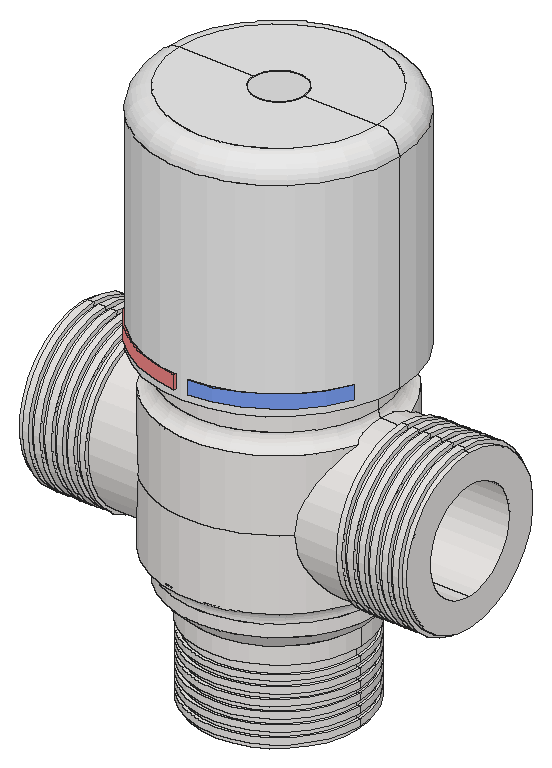
Revit family "1", category Pipe Accessories, Revit 2018
Family settings
  Round Connector Dimension = Use Diameter
  Part Type = Normal
  OmniClass Number = 23.65.00.00
  OmniClass Title = Supply and Distribution of Liquids and Gases
  Work Plane-Based = No
  Always vertical = Yes
  Cut with Voids When Loaded = No
  Shared = No
Parameters (values of type "3/4" - Male thermostatic mixing valve")
  Youtube clip = ""
  Weight Net (Kg) = "0"  # constant formula
  Uniformat II Description = "PLUMBING"  # constant formula
  Uniformat II Code = "D20"  # constant formula
  Uniclass 2015 Name = "Thermostatic mixing valves"  # constant formula
  Uniclass 2015 Code = "Pr_65_54_95_88"  # constant formula
  Uniclass 2.0 Description = "Thermostatic Mixing Valves"  # constant formula
  Uniclass 2.0 Code = "PR-94-94-xx"  # constant formula
  Uniclass 1.4 Description = "Mixing valves"  # constant formula
  Uniclass 1.4 Code = "L71177"  # constant formula
  URL = "www.pintossi.it"
  UNSPSC Code = "401416"  # constant formula
  Technical description = ""
  Region South America = "All"  # constant formula
  Region Oceania = "All"  # constant formula
  Region North America = "All"  # constant formula
  Region Middle East = "All"  # constant formula
  Region Europe = "All"  # constant formula
  Region Asia = "All"  # constant formula
  Region Antarctica = "All"  # constant formula
  Region Africa = "All"  # constant formula
  Radius [instance] = [Main Inlet/Outlet Diameter] / 2  # 9.55 mm
  QR code = ""
  Product url = ""
  Product group = "THERMOSTATIC MIXING VALVES"  # constant formula
  Product family = "COMPONENTS FOR CENTRAL HEATING SYSTEMS"  # constant formula
  Product data url = "https://www.bimobject.com/pintossi/product/1562-thermostatic-mixing-valve"
  Product certification = ""
  Product SKU = "1562-thermostatic-mixing-valve"
  Product Guid = "3446220f-d713-4942-b9a7-f31f9069d292"  # constant formula
  PH: = "Between 7 and 8Between 7 and 8"  # constant formula
  OmniClass Description = "Mixing Valves"  # constant formula
  OmniClass Code = "23-27 31 29"  # constant formula
  NBS Reference Description = "Thermostatic Mixinh Valves"  # constant formula
  NBS Reference Code = "94-94-xx"  # constant formula
  Model = "3/4\" - Male thermostatic mixing valve"
  Mixed water range = "27 °C - 55 °C"  # constant formula
  Min cold inlet water temp = 4 °C  # constant formula
  Maximum working temperature = 90 °C  # constant formula
  Maximum working pressure = 10.0 bar  # constant formula
  Maximum percentage of glycol [%] = 30  # constant formula
  Max hot inlet water temp = 100 °C  # constant formula
  Material secondary = ""
  Material main = "Brass"  # constant formula
  Material Red = Pintossi - Plastic - Red ABS
  Material Cup = Pintossi - Plastic - ABS
  Material Body = Pintossi - Metal - Brass
  Material Blue = Pintossi - Plastic - Blue ABS
  Masterformat 2014 Description = "Mixing Equipment"  # constant formula
  Masterformat 2014 Code = "46 41 00"  # constant formula
  Manufacturer name = "Pintossi+C"  # constant formula
  Manufacturer country = "Italy"  # constant formula
  Manufacturer = "Pintossi+C"  # constant formula
  Main Inlet/Outlet Diameter = 19.1 mm
  Iron (FE): = "< 0,5 mg/kg (< 0,1 mg/kg for steam)"  # constant formula
  Installation instructions = ""
  IFC Classification = "Valve"  # constant formula
  Fluid aspect: = "Limpid"  # constant formula
  Edition number = 0
  EAN code = ""
  Design country = "Italy"  # constant formula
  Description = "Pintossi+C thermostatic mixing valve is designed for use in domestic water as well as heating systems.\r\n\r\nThe main function is to maintain constant, to a set value, the mixed water temperature, regardless of any variation of temperature and pressure of hot and cold water supply.\r\n\r\nAn anti-burn function is provided by the valve, stopping the hot mixed water delivery in case of unexpeted interruption of the inlet cold water supply, avoiding potentials burns. Thanks to this and anti-burining function the valve is particular indicated in public buildings like schools and hospitals for the presence of individuals at risk."  # constant formula
  Date of publishing = ""
  Copper (CU): = "< 0,1 mg/kg (< 0,05 mg/kg for steam)"  # constant formula
  Conditioning: = "as indicated by the producer"  # constant formula
  COBIe Type Category = ""
  Brand url = "www.pintossi.it"
  BIMobject category = "Plumbing Valves"  # constant formula
  Application fluids = "Water or glycol solutions"  # constant formula
  Antifreeze: = "Passiveted Propylene Glycol"  # constant formula
Reference planes
  plane 1 "Center (Front/Back)": y = 0
  plane 2: z = 0
  plane 3 "Center (Left/Right)": x = 0
Forms (mm)
  Extrusion 1, solid, material "Pintossi - Metal - Brass" <- "Material Body", detail levels fine
    sketch origin (0, 0, 0) x (1, 0, 0) y (0, 1, 0)
      loop
        circle (0, 0) r 9.55
      loop
        circle (0, 0) r 15
    from 0 to 14.719
  Revolve 2, solid, material "Pintossi - Metal - Brass" <- "Material Body", detail levels fine
    sketch origin (0, 0, 0) x (1, 0, 0) y (0, 0, 1)
      loop
        line (0, 14.719) -> (0, 100.374) -> (-4.026, 100.374) -> (-4.026, 90.374) -> (-3.379, 89.727) -> (-3.379, 86.681) -> (-4.626, 86.681)
        arc (-4.626, 86.681) -> (-5.557, 86.295) -> (-5.943, 85.364) r 1.317
        line (-5.943, 85.364) -> (-5.943, 83.834)
        arc (-5.943, 83.834) -> (-7.956, 83.453) -> (-9.55, 82.165) r 4.199
        line (-9.55, 82.165) -> (-9.55, 76.027) -> (-11.469, 74.108) -> (-11.469, 65.371) -> (-19.067, 65.371) -> (-19.067, 56.415)
        arc (-19.067, 56.415) -> (-19.662, 54.624) -> (-21.211, 53.546) r 2.991
        line (-21.211, 53.546) -> (-21.211, 40) -> (-21.211, 26.454)
        arc (-21.211, 26.454) -> (-19.662, 25.376) -> (-19.067, 23.585) r 2.991
        line (-19.067, 23.585) -> (-19.067, 21.281) -> (-15.794, 18.007) -> (-15.794, 14.719) -> (0, 14.719)
      axis (0, 100.374) -> (0, 14.719)
    angle from 0 to 360
  Extrusion 3, solid, material "Pintossi - Metal - Brass" <- "Material Body", detail levels fine
    sketch origin (35.194, 0, 40) x (0, 0, 1) y (0, 1, 0)
      loop
        circle (0, 0) r 9.55
      loop
        circle (0, 0) r 15
    from -1.306 to 30.564
  Extrusion 4, solid, material "Pintossi - Metal - Brass" <- "Material Body", detail levels fine
    sketch origin (-35.194, 0, 40) x (0, 0, 1) y (0, -1, 0)
      loop
        circle (0, 0) r 9.55
      loop
        circle (0, 0) r 15
    from -2.309 to 30.564
  Revolve 5, solid, material "Pintossi - Metal - Brass" <- "Material Body", detail levels fine
    sketch origin (3.682, 0, 0) x (1, 0, 0) y (0, 0, 1)
      loop
        line (-41.185, 54.003) -> (-27.232, 54.003) -> (-27.232, 54.79) -> (-28.212, 54.79) -> (-28.212, 55.624) -> (-29.303, 55.624) -> (-29.303, 54.79) -> (-30.283, 54.79) -> (-30.283, 55.624) -> (-31.479, 55.624) -> (-31.479, 54.79) -> (-32.458, 54.79) -> (-32.458, 55.624) -> (-33.655, 55.624) -> (-33.655, 54.79) -> (-34.634, 54.79) -> (-34.634, 55.624) -> (-35.83, 55.624) -> (-35.83, 54.79) -> (-36.81, 54.79) -> (-36.81, 55.624) -> (-38.006, 55.624) -> (-38.006, 54.79) -> (-38.986, 54.79) -> (-38.986, 55.624) -> (-40.182, 55.624) -> (-40.182, 54.79) -> (-41.185, 54.79) -> (-41.185, 54.003)
      axis (-41.185, 40) -> (-27.232, 40)
    angle from 0 to 360
  Revolve 6, solid, material "Pintossi - Metal - Brass" <- "Material Body", detail levels fine
    sketch origin (-4.685, 0, 0) x (-1, 0, 0) y (0, 0, 1)
      loop
        line (-41.185, 54.003) -> (-27.232, 54.003) -> (-27.232, 54.79) -> (-28.212, 54.79) -> (-28.212, 55.624) -> (-29.303, 55.624) -> (-29.303, 54.79) -> (-30.283, 54.79) -> (-30.283, 55.624) -> (-31.479, 55.624) -> (-31.479, 54.79) -> (-32.458, 54.79) -> (-32.458, 55.624) -> (-33.655, 55.624) -> (-33.655, 54.79) -> (-34.634, 54.79) -> (-34.634, 55.624) -> (-35.83, 55.624) -> (-35.83, 54.79) -> (-36.81, 54.79) -> (-36.81, 55.624) -> (-38.006, 55.624) -> (-38.006, 54.79) -> (-38.986, 54.79) -> (-38.986, 55.624) -> (-40.182, 55.624) -> (-40.182, 54.79) -> (-41.185, 54.79) -> (-41.185, 54.003)
      axis (-41.185, 40) -> (-27.232, 40)
    angle from 0 to 360
  Revolve 7, solid, material "Pintossi - Metal - Brass" <- "Material Body", detail levels fine
    sketch origin (-40, 0, 41.185) x (0, 0, 1) y (-1, 0, 0)
      loop
        line (-41.185, -54.003) -> (-41.185, -54.79) -> (-40.182, -54.79) -> (-40.182, -55.624) -> (-38.986, -55.624) -> (-38.986, -54.79) -> (-38.006, -54.79) -> (-38.006, -55.624) -> (-36.81, -55.624) -> (-36.81, -54.79) -> (-35.83, -54.79) -> (-35.83, -55.624) -> (-34.634, -55.624) -> (-34.634, -54.79) -> (-33.655, -54.79) -> (-33.655, -55.624) -> (-32.458, -55.624) -> (-32.458, -54.79) -> (-31.479, -54.79) -> (-31.479, -55.624) -> (-30.283, -55.624) -> (-30.283, -54.79) -> (-29.303, -54.79) -> (-29.303, -55.624) -> (-28.212, -55.624) -> (-28.212, -54.79) -> (-27.232, -54.79) -> (-27.232, -54.003) -> (-41.185, -54.003)
      axis (-41.185, -40) -> (-27.232, -40)
    angle from 0 to 360
  Revolve 8, solid, material "Pintossi - Plastic - ABS" <- "Material Cup", detail levels fine
    sketch origin (0, 0, 0) x (1, 0, 0) y (0, 0, 1)
      loop
        line (-23.095, 61.404) -> (-19.449, 61.404) -> (-19.449, 98.918)
        arc (-19.449, 98.918) -> (-18.319, 101.644) -> (-15.593, 102.774) r 3.856
        line (-15.593, 102.774) -> (-10.258, 102.774) -> (-10.258, 87.774) -> (-4.026, 87.774) -> (-4.026, 100.374) -> (-1.986, 100.374) -> (-1.986, 103.083) -> (-4.796, 103.083) -> (-4.796, 105.043) -> (-19.016, 105.043)
        arc (-19.016, 105.043) -> (-21.901, 103.848) -> (-23.095, 100.964) r 4.079
        line (-23.095, 100.964) -> (-23.095, 61.404)
      axis (0, 105.043) -> (0, 61.404)
    angle from 0 to 360
  Extrusion 9, solid, material "Pintossi - Metal -Stainless Steel", detail levels fine
    sketch origin (0, 0, 0) x (1, 0, 0) y (0, 1, 0)
      loop
        circle (0, 0) r 4.796
    from 102.774 to 105.043
  Extrusion 10, solid, material "Pintossi - Plastic - Red ABS" <- "Material Red", detail levels fine
    sketch origin (0, -0.156, 0) x (1, 0, 0) y (0, 1, 0)
      loop
        arc (-1.22, -21.344) -> (-12.721, -17.557) -> (-20.726, -8.471) r 23.095
        line (-20.726, -8.471) -> (-21.555, -8.815)
        arc (-21.555, -8.815) -> (-13.509, -18.912) -> (-1.324, -23.182) r 23.326
        line (-1.324, -23.182) -> (-1.22, -21.344)
    from 62.824 to 65.371
  Extrusion 11, solid, material "Pintossi - Plastic - Blue ABS" <- "Material Blue", detail levels fine
    sketch origin (0, -0.156, 0) x (-1, 0, 0) y (0, -1, 0)
      loop
        line (-1.22, 21.344) -> (-1.324, 23.182)
        arc (-1.324, 23.182) -> (-13.509, 18.912) -> (-21.555, 8.815) r 23.326
        line (-21.555, 8.815) -> (-20.726, 8.471)
        arc (-20.726, 8.471) -> (-12.721, 17.557) -> (-1.22, 21.344) r 23.095
    from 62.824 to 65.371
Cuts and joins
  joined: Revolve 2, Extrusion 3, Extrusion 4, Revolve 5, Revolve 6, Revolve 7
Lines and regions (mm)
  model lines, detail levels coarse+medium
    curve 1: line (-37.5, 0, 40) -> (36.562, 0, 40)
    curve 2: line (0, 0, 40) -> (-17.809, 0, 0)
    curve 3: line (-17.809, 0, 0) -> (0, 0, 0)
    curve 4: line (0, 0, 40) -> (17.809, 0, 0)
    curve 5: line (17.809, 0, 0) -> (0, 0, 0)
    curve 6: line (0, 0, 40) -> (-37.5, 0, 23.304)
    curve 7: line (-37.5, 0, 23.304) -> (-37.5, 0, 40)
    curve 8: line (0, 0, 40) -> (-37.5, 0, 56.696)
    curve 9: line (-37.5, 0, 56.696) -> (-37.5, 0, 40)
    curve 10: line (0, 0, 40) -> (36.562, 0, 23.721)
    curve 11: line (36.562, 0, 23.721) -> (36.562, 0, 40)
    curve 12: line (0, 0, 40) -> (36.562, 0, 56.279)
    curve 13: line (36.562, 0, 56.279) -> (36.562, 0, 40)
    curve 14: line (0, 0, 40) -> (0, 0, 60)
    curve 15: line (0, 0, 60) -> (-18.435, 0, 60)
    curve 16: line (-18.435, 0, 60) -> (-18.435, 0, 105)
    curve 17: line (-18.435, 0, 105) -> (-0.269, 0, 105)
    curve 18: line (0, 0, 60) -> (18.435, 0, 60)
    curve 19: line (18.435, 0, 60) -> (18.435, 0, 105)
    curve 20: line (18.435, 0, 105) -> (-0.269, 0, 105)
  symbolic lines
    curve 21: line (0, 0.603, 0) -> (-14.504, -31.974, 0)
    curve 22: line (-14.504, -31.974, 0) -> (0, -31.974, 0)
    curve 23: line (0, 0.603, 0) -> (14.504, -31.974, 0)
    curve 24: line (14.504, -31.974, 0) -> (0, -31.974, 0)
    curve 25: line (0, 0, 0) -> (-32.578, 14.504, 0)
    curve 26: line (-32.578, 14.504, 0) -> (-32.578, 0, 0)
    curve 27: line (0, 0, 0) -> (-32.578, -14.504, 0)
    curve 28: line (-32.578, -14.504, 0) -> (-32.578, 0, 0)
    curve 29: line (0, 0, 0) -> (32.578, 14.504, 0)
    curve 30: line (32.578, 14.504, 0) -> (32.578, 0, 0)
    curve 31: line (0, 0, 0) -> (32.578, -14.504, 0)
    curve 32: line (32.578, -14.504, 0) -> (32.578, 0, 0)
    curve 33: line (-32.578, 0, 0) -> (-41.185, 0, 0)
    curve 34: line (32.578, 0, 0) -> (41.185, 0, 0)
    curve 35: line (0, 0.603, 0) -> (0, 14.003, 0)
    curve 36: line (0, 14.003, 0) -> (-17.123, 14.003, 0)
    curve 37: line (-17.123, 14.003, 0) -> (-17.123, 32.534, 0)
    curve 38: line (-17.123, 32.534, 0) -> (0, 32.534, 0)
    curve 39: line (0, 14.003, 0) -> (17.123, 14.003, 0)
    curve 40: line (17.123, 14.003, 0) -> (17.123, 32.534, 0)
    curve 41: line (17.123, 32.534, 0) -> (0, 32.534, 0)
Dimensions and locks
  "Radius": radius of Extrusion 1 sketch curve
  "Radius": radius of Extrusion 3 sketch curve
  "Radius": radius of Extrusion 4 sketch curve
  aligned and locked: level to plane 2
Automatic sketch dimensions
  Revolve 2 sketch curve to plane 3 "Center (Left/Right)" = 0 mm  (x2)
  Revolve 2 sketch curve to plane 3 "Center (Left/Right)" = 3.379 mm
  Revolve 2 sketch curve to Revolve 2 sketch curve = 0.647 mm  (x2)
  Revolve 2 sketch curve to Revolve 2 sketch curve = 1.246 mm
  Revolve 2 sketch curve to Revolve 2 sketch curve = 1.317 mm
  Revolve 2 sketch curve to Revolve 2 sketch curve = 0.251 mm
  Revolve 2 sketch curve to Revolve 2 sketch curve = 3.607 mm
  Revolve 2 sketch curve to Revolve 2 sketch curve = 1.919 mm  (x2)
  Revolve 2 sketch curve to plane 3 "Center (Left/Right)" = 15.794 mm
  Revolve 2 sketch curve to Revolve 2 sketch curve = 3.273 mm  (x2)
  Revolve 2 sketch curve to Revolve 2 sketch curve = 7.598 mm
  Revolve 2 sketch curve to Revolve 2 sketch curve = 2.144 mm
  Revolve 2 sketch curve to Revolve 2 sketch curve = 2.991 mm
  Revolve 2 sketch curve to Revolve 2 sketch curve = 0.847 mm
  level to Revolve 2 sketch curve = 14.719 mm
  Revolve 2 sketch curve to Revolve 2 sketch curve = 3.289 mm
  Revolve 2 sketch curve to Revolve 2 sketch curve = 2.305 mm
  Revolve 2 sketch curve to Revolve 2 sketch curve = 13.546 mm  (x2)
  Revolve 2 sketch curve to Revolve 2 sketch curve = 8.956 mm
  Revolve 2 sketch curve to Revolve 2 sketch curve = 8.738 mm
  Revolve 2 sketch curve to Revolve 2 sketch curve = 3.614 mm
  Revolve 2 sketch curve to Revolve 2 sketch curve = 2.524 mm
  Revolve 2 sketch curve to Revolve 2 sketch curve = 1.53 mm
  Revolve 2 sketch curve to Revolve 2 sketch curve = 3.046 mm
  Revolve 2 sketch curve to Revolve 2 sketch curve = 10 mm
  Revolve 2 sketch curve to level = 44.626 mm
  Revolve 2 sketch curve to Revolve 2 sketch curve = 20 mm
  Revolve 5 sketch curve to plane 3 "Center (Left/Right)" = 37.503 mm
  Revolve 5 sketch curve to Revolve 5 sketch curve = 1.003 mm
  Revolve 5 sketch curve to Revolve 5 sketch curve = 1.196 mm  (x5)
  Revolve 5 sketch curve to Revolve 5 sketch curve = 0.98 mm  (x6)
  Revolve 5 sketch curve to Revolve 5 sketch curve = 1.091 mm
  level to Revolve 5 sketch curve = 54.003 mm
  Revolve 5 sketch curve to Revolve 5 sketch curve = 0.787 mm  (x2)
  Revolve 5 sketch curve to Revolve 5 sketch curve = 0 mm  (x6)
  Revolve 5 sketch curve to Revolve 5 sketch curve = 0.835 mm  (x6)
  Revolve 5 sketch curve to plane 3 "Center (Left/Right)" = 4.123 mm
  Revolve 5 sketch curve to Revolve 5 sketch curve = 14.003 mm
  Revolve 6 sketch curve to plane 3 "Center (Left/Right)" = 36.5 mm
  Revolve 6 sketch curve to Revolve 6 sketch curve = 1.003 mm
  Revolve 6 sketch curve to Revolve 6 sketch curve = 1.196 mm  (x5)
  Revolve 6 sketch curve to Revolve 6 sketch curve = 0.98 mm  (x6)
  Revolve 6 sketch curve to Revolve 6 sketch curve = 1.091 mm
  Revolve 6 sketch curve to level = 54.003 mm
  Revolve 6 sketch curve to Revolve 6 sketch curve = 0.787 mm  (x2)
  Revolve 6 sketch curve to Revolve 6 sketch curve = 0 mm  (x6)
  Revolve 6 sketch curve to Revolve 6 sketch curve = 0.835 mm  (x6)
  Revolve 6 sketch curve to plane 3 "Center (Left/Right)" = 3.12 mm
  Revolve 6 sketch curve to Revolve 6 sketch curve = 14.003 mm
  Revolve 7 sketch curve to level = 0 mm  (x2)
  Revolve 7 sketch curve to plane 3 "Center (Left/Right)" = 0 mm
  Revolve 7 sketch curve to Revolve 7 sketch curve = 1.003 mm
  Revolve 7 sketch curve to Revolve 7 sketch curve = 1.196 mm  (x5)
  Revolve 7 sketch curve to Revolve 7 sketch curve = 0.98 mm  (x6)
  Revolve 7 sketch curve to Revolve 7 sketch curve = 1.091 mm
  plane 3 "Center (Left/Right)" to Revolve 7 sketch curve = 14.003 mm
  Revolve 7 sketch curve to Revolve 7 sketch curve = 0.787 mm  (x3)
  Revolve 7 sketch curve to Revolve 7 sketch curve = 0 mm  (x4)
  Revolve 7 sketch curve to Revolve 7 sketch curve = 0.835 mm  (x6)
  Revolve 7 sketch curve to Revolve 7 sketch curve = 19.427 mm
  Revolve 8 sketch curve to plane 3 "Center (Left/Right)" = 0 mm
  Revolve 8 sketch curve to plane 3 "Center (Left/Right)" = 1.986 mm
  Revolve 8 sketch curve to plane 3 "Center (Left/Right)" = 4.026 mm
  Revolve 8 sketch curve to Revolve 8 sketch curve = 2.81 mm
  Revolve 8 sketch curve to Revolve 8 sketch curve = 6.232 mm
  Revolve 8 sketch curve to Revolve 8 sketch curve = 5.335 mm
  Revolve 8 sketch curve to Revolve 8 sketch curve = 3.423 mm
  Revolve 8 sketch curve to plane 3 "Center (Left/Right)" = 19.449 mm
  Revolve 8 sketch curve to Revolve 8 sketch curve = 3.647 mm
  level to Revolve 8 sketch curve = 61.404 mm
  Revolve 8 sketch curve to Revolve 8 sketch curve = 26.37 mm
  Revolve 8 sketch curve to Revolve 8 sketch curve = 11.144 mm
  Revolve 8 sketch curve to Revolve 8 sketch curve = 2.4 mm
  Revolve 8 sketch curve to Revolve 8 sketch curve = 2.046 mm
  Revolve 8 sketch curve to Revolve 8 sketch curve = 1.961 mm
  Revolve 8 sketch curve to Revolve 8 sketch curve = 0.762 mm
  Revolve 8 sketch curve to Revolve 8 sketch curve = 4.302 mm
  Extrusion 9 sketch curve to Extrusion 9 sketch curve = 0 mm  (x2)
  plane 1 "Center (Front/Back)" to Extrusion 9 sketch curve = 0 mm
  Extrusion 9 sketch curve to plane 3 "Center (Left/Right)" = 0 mm
  Extrusion 9 sketch curve to plane 3 "Center (Left/Right)" = 4.796 mm
  Extrusion 10 sketch curve to plane 3 "Center (Left/Right)" = 0 mm
  Extrusion 10 sketch curve to plane 3 "Center (Left/Right)" = 0.002 mm
  Extrusion 10 sketch curve to plane 3 "Center (Left/Right)" = 1.22 mm
  Extrusion 10 sketch curve to plane 3 "Center (Left/Right)" = 1.324 mm
  plane 1 "Center (Front/Back)" to Extrusion 10 sketch curve = 8.627 mm
  Extrusion 10 sketch curve to plane 3 "Center (Left/Right)" = 20.726 mm
  plane 1 "Center (Front/Back)" to Extrusion 10 sketch curve = 8.971 mm
  Extrusion 10 sketch curve to Extrusion 10 sketch curve = 0.829 mm
  plane 1 "Center (Front/Back)" to Extrusion 10 sketch curve = 21.501 mm
  Extrusion 10 sketch curve to Extrusion 10 sketch curve = 1.838 mm
  Extrusion 11 sketch curve to plane 3 "Center (Left/Right)" = 0 mm
  Extrusion 11 sketch curve to plane 3 "Center (Left/Right)" = 0.002 mm
  Extrusion 11 sketch curve to plane 3 "Center (Left/Right)" = 1.22 mm
  Extrusion 11 sketch curve to plane 3 "Center (Left/Right)" = 1.324 mm
  Extrusion 11 sketch curve to plane 1 "Center (Front/Back)" = 8.627 mm
  Extrusion 11 sketch curve to plane 3 "Center (Left/Right)" = 20.726 mm
  Extrusion 11 sketch curve to plane 1 "Center (Front/Back)" = 8.971 mm
  Extrusion 11 sketch curve to Extrusion 11 sketch curve = 0.829 mm
  Extrusion 11 sketch curve to plane 1 "Center (Front/Back)" = 21.501 mm
  Extrusion 11 sketch curve to Extrusion 11 sketch curve = 1.838 mm
  plane 1 "Center (Front/Back)" to curve 33 = 0 mm
  curve 22 to plane 3 "Center (Left/Right)" = 0 mm
  curve 23 to plane 3 "Center (Left/Right)" = 0 mm
  plane 1 "Center (Front/Back)" to curve 27 = 0 mm
  curve 27 to plane 3 "Center (Left/Right)" = 0 mm
  curve 38 to plane 3 "Center (Left/Right)" = 0 mm
  plane 1 "Center (Front/Back)" to curve 30 = 0 mm
  curve 22 to plane 3 "Center (Left/Right)" = 14.504 mm
  curve 38 to plane 3 "Center (Left/Right)" = 17.123 mm
  curve 25 to plane 1 "Center (Front/Back)" = 14.504 mm
  curve 25 to curve 36 = 15.454 mm
  plane 3 "Center (Left/Right)" to curve 23 = 14.504 mm
  plane 3 "Center (Left/Right)" to curve 39 = 17.123 mm
  plane 1 "Center (Front/Back)" to curve 31 = 14.504 mm
  curve 23 to curve 31 = 18.073 mm
  curve 27 to curve 26 = 14.504 mm
  plane 1 "Center (Front/Back)" to curve 24 = 31.974 mm
  curve 25 to curve 23 = 0.603 mm
  curve 37 to plane 1 "Center (Front/Back)" = 14.003 mm
  curve 30 to plane 1 "Center (Front/Back)" = 14.504 mm
  curve 35 to curve 38 = 18.531 mm
  curve 33 to curve 26 = 8.607 mm
  curve 30 to curve 34 = 8.607 mm
  curve 3 to level = 0 mm
  curve 4 to plane 3 "Center (Left/Right)" = 0 mm
  curve 2 to plane 3 "Center (Left/Right)" = 0 mm
  curve 8 to plane 3 "Center (Left/Right)" = 0 mm
  curve 18 to plane 3 "Center (Left/Right)" = 0 mm
  curve 3 to plane 3 "Center (Left/Right)" = 0 mm
  curve 6 to plane 3 "Center (Left/Right)" = 0 mm
  curve 10 to plane 3 "Center (Left/Right)" = 0 mm
  curve 17 to plane 3 "Center (Left/Right)" = 0.269 mm
  curve 2 to plane 3 "Center (Left/Right)" = 17.809 mm
  curve 15 to plane 3 "Center (Left/Right)" = 18.435 mm
  curve 6 to curve 2 = 19.691 mm
  plane 3 "Center (Left/Right)" to curve 4 = 17.809 mm
  plane 3 "Center (Left/Right)" to curve 20 = 18.435 mm
  curve 18 to curve 11 = 18.128 mm
  level to curve 10 = 23.721 mm
  level to curve 7 = 23.304 mm
  curve 1 to curve 8 = 16.696 mm
  curve 1 to curve 12 = 16.279 mm
  curve 12 to curve 18 = 3.721 mm
  curve 14 to curve 20 = 45 mm
  curve 6 to curve 7 = 16.696 mm
  Extrusion 1 sketch curve to Extrusion 1 sketch curve = 0 mm  (x2)
  plane 1 "Center (Front/Back)" to Extrusion 1 sketch curve = 0 mm
  Extrusion 1 sketch curve to plane 3 "Center (Left/Right)" = 0 mm
  Extrusion 3 sketch curve to Extrusion 3 sketch curve = 0 mm  (x2)
  Extrusion 3 sketch curve to plane 1 "Center (Front/Back)" = 0 mm
  level to Extrusion 3 sketch curve = 40 mm
  Extrusion 4 sketch curve to Extrusion 4 sketch curve = 0 mm  (x2)
  Extrusion 4 sketch curve to plane 1 "Center (Front/Back)" = 0 mm
  level to Extrusion 4 sketch curve = 40 mm
  radius of Extrusion 1 sketch curve = 15 mm
  radius of Extrusion 3 sketch curve = 15 mm
  radius of Extrusion 4 sketch curve = 15 mm
Connectors
  piping at (36.5, 0, 40), diameter 19.1, driven by "Main Inlet/Outlet Diameter"
    settings: on cut or joined group of Revolve 2, Extrusion 3, Extrusion 4, Revolve 5, Revolve 6, Revolve 7, index 1, connector inside diameter 609.6 mm, connector length 0 mm, flow factor 0, pipe flow 0.0 L/s, pressure drop 0.0 bar, fitting loss kfactor 0, connector angle 0.00°, fixture units 0, engagement length 0 mm, angle of deflection 0.00°, flow configuration 0, flow direction 0, fitting loss method 0, system type 29, joint type 0, gender type 0, connector reference index -1, connector utility 0, adjustable connector no, is connector primary yes, connector description ""
  piping at (-37.503, 0, 40), diameter 19.1, driven by "Main Inlet/Outlet Diameter"
    settings: on cut or joined group of Revolve 2, Extrusion 3, Extrusion 4, Revolve 5, Revolve 6, Revolve 7, index 2, connector inside diameter 609.6 mm, connector length 0 mm, flow factor 0, pipe flow 0.0 L/s, pressure drop 0.0 bar, fitting loss kfactor 0, connector angle 0.00°, fixture units 0, engagement length 0 mm, angle of deflection 0.00°, flow configuration 0, flow direction 0, fitting loss method 0, system type 29, joint type 0, gender type 0, connector reference index -1, connector utility 0, adjustable connector no, is connector primary no, connector description ""
  piping at (0, 0, 0), diameter 19.1, driven by "Main Inlet/Outlet Diameter"
    settings: on Extrusion 1, index 3, connector inside diameter 609.6 mm, connector length 0 mm, flow factor 0, pipe flow 0.0 L/s, pressure drop 0.0 bar, fitting loss kfactor 0, connector angle 0.00°, fixture units 0, engagement length 0 mm, angle of deflection 0.00°, flow configuration 0, flow direction 0, fitting loss method 0, system type 29, joint type 0, gender type 0, connector reference index -1, connector utility 0, adjustable connector no, is connector primary no, connector description ""
